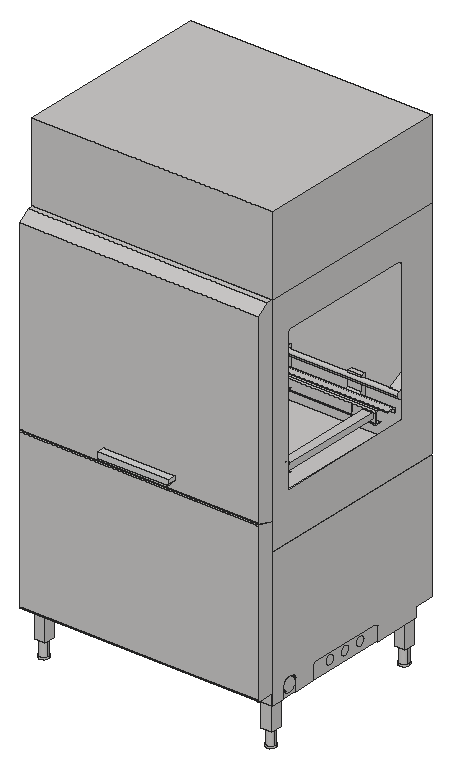
Revit family "QF_ELECTROLUXPROFESSIONAL_535098_NLDDRE5", category Specialty Equipment, Revit 2018
Family settings
  Round Connector Dimension = Use Diameter
  Part Type = Normal
  Work Plane-Based = No
  Always vertical = Yes
  Cut with Voids When Loaded = No
  Shared = No
  Room Calculation Point = No
Parameters (values of type "NLDDRE56")
  Weight = 116.00 kg
  Watts = 0 W
  Volts = 0 V
  URL Manufacturer = ""
  URL = "http://professional.electrolux.com"
  Steam Supply Size = 0 mm
  Steam Supply Minimum Pressure = 0.0 Pa
  Steam Supply Maximum Pressure = 0.0 Pa
  Steam Pounds per Hour = 0
  Show Logo [instance] = yes
  Refrigeration Suction Line Size = 0 mm
  Refrigeration Liquid Line Size = 0 mm
  Refrigerant Compressor Remote = yes
  R_L [instance] = not(L_R)  # no
  Manufacturer = "Electrolux"
  Phase = 0
  Model = "ESR10E5"
  Length Actual = 890 mm  # constant formula
  Show Clearance [instance] = yes
  L_R [instance] = yes
  Item Number = ""
  Hot Water Size = 0 mm
  Height Actual = 1785 mm  # constant formula
  HP = "11.4 HP"
  Gas Size = 0 mm
  Gas KW = 0
  Gas Input Pressure = 0 W
  Direct Waste Size = 50 mm
  Description = "SINGLE RINSE RT, 100R/H, ELECTRIC 50HZ"
  Depth Actual = 825 mm  # constant formula
  DRAIN [instance] = if(L_R, 0 mm, 968 mm)  # 0 mm
  Cycle = 0 Hz
  Condensate Return Size = 0 mm
  Compressed Air Volume = 0.0 L/s
  Compressed Air Size = 0 mm
  Compressed Air Pressure = 0.0 Pa
  Cold Water Size = 0 mm
  Accessory = yes
Types (2, lengths in mm): name | Volts | URL Manufacturer | URL | Manufacturer | Phase | Model | Item Number | Description | Cycle
  NLDDRE56 | 0 V | "" | "http://professional.electrolux.com" | "Electrolux" | 0 | "ESR10E5" | "" | "SINGLE RINSE RT, 100R/H, ELECTRIC 50HZ" | 0 Hz
  Standard | 380 V | "http://professional.electrolux.com/" | "http://professional.electrolux.com/" | "Electrolux Professional" | 3 | "NLDDRE5" | "535098" | "LARGE DRYER WITH DOOR, DUAL RINSE RT, ELECTRIC, 50&60HZ" | 60 Hz
Reference planes
  plane 1 "Center X": y = -16.742
  plane 2: z = 0
  plane 3 "2": x = 506.437
  plane 4 "BACK": y = 388.258
  plane 5 "FEET": z = 150
  plane 6: z = 2095
  plane 7 "BASE": z = 187
  plane 8 "TOP": z = 1785
  plane 9 "FRONT": y = -408.742
  plane 10: y = 311.258
  plane 11 "1": x = -383.563
  plane 12 "LEFT": x = -423.563
  plane 13 "RIGHT": x = 546.437
  plane 14 "DRAIN": x = -423.563
Forms (mm)
  Extrusion 1, solid, material "QF_Finishes_Stainless Steel"
    sketch origin (506.437, 479.936, 4000) x (0, 1, 0) y (0, 0, 1)
      loop
        line (-96.678, -2215) -> (-828.678, -2215) -> (-828.678, -2507) -> (-96.678, -2507) -> (-96.678, -2215)
    from -890 to 0
  Extrusion 2, solid, material "QF_Finishes_Stainless Steel"
    sketch origin (-383.563, 437.565, 4000) x (0, 1, 0) y (0, 0, 1)
      loop
        line (-54.307, -2507) -> (-786.307, -2507) -> (-786.307, -3850) -> (-126.307, -3850) -> (-126.307, -3812) -> (-54.307, -3812) -> (-54.307, -2507)
      loop
        line (-129.307, -2557) -> (-769.307, -2557) -> (-769.307, -3290) -> (-129.307, -3290) -> (-129.307, -2557)
    from 887 to 3
  Extrusion 3, solid, material "QF_Finishes_Stainless Steel"
    sketch origin (-383.563, 437.565, 4000) x (0, 1, 0) y (0, 0, 1)
      loop
        line (-59.307, -3342) -> (-781.307, -3342)
        arc (-781.307, -3342) -> (-784.843, -3343.464) -> (-786.307, -3347) r 5
        line (-786.307, -3347) -> (-786.307, -3850) -> (-741.307, -3850) -> (-741.307, -3813)
        arc (-741.307, -3813) -> (-711.307, -3783) -> (-681.307, -3813) r 30
        line (-681.307, -3813) -> (-681.307, -3850) -> (-602.807, -3850) -> (-602.807, -3803)
        arc (-602.807, -3803) -> (-598.414, -3792.393) -> (-587.807, -3788) r 15
        line (-587.807, -3788) -> (-317.807, -3788)
        arc (-317.807, -3788) -> (-307.201, -3792.393) -> (-302.807, -3803) r 15
        line (-302.807, -3803) -> (-302.807, -3850) -> (-126.307, -3850) -> (-126.307, -3812) -> (-54.307, -3812) -> (-54.307, -3347)
        arc (-54.307, -3347) -> (-55.772, -3343.464) -> (-59.307, -3342) r 5
    from 0 to 3
  Extrusion 4, solid, material "QF_Finishes_Stainless Steel"
    sketch origin (506.437, 479.936, 4000) x (0, 1, 0) y (0, 0, 1)
      loop
        line (-96.678, -2507) -> (-828.678, -2507) -> (-828.678, -3335)
        arc (-828.678, -3335) -> (-827.214, -3338.536) -> (-823.678, -3340) r 5
        line (-823.678, -3340) -> (-101.678, -3340)
        arc (-101.678, -3340) -> (-98.142, -3338.536) -> (-96.678, -3335) r 5
        line (-96.678, -3335) -> (-96.678, -2507)
      loop
        line (-248.879, -2635) -> (-744.477, -2635)
        arc (-744.477, -2635) -> (-756.64, -2640.038) -> (-761.678, -2652.201) r 17.201
        line (-761.678, -2652.201) -> (-761.678, -3167.258) -> (-231.678, -3167.258) -> (-231.678, -2652.201)
        arc (-231.678, -2652.201) -> (-236.716, -2640.038) -> (-248.879, -2635) r 17.201
    from -3 to 0
  Extrusion 5, solid, material "QF_Finishes_Stainless Steel"
    sketch origin (506.437, 479.936, 4000) x (0, 1, 0) y (0, 0, 1)
      loop
        line (-101.678, -3342) -> (-823.678, -3342)
        arc (-823.678, -3342) -> (-827.214, -3343.464) -> (-828.678, -3347) r 5
        line (-828.678, -3347) -> (-828.678, -3850) -> (-783.678, -3850) -> (-783.678, -3813)
        arc (-783.678, -3813) -> (-753.678, -3783) -> (-723.678, -3813) r 30
        line (-723.678, -3813) -> (-723.678, -3850) -> (-645.178, -3850) -> (-645.178, -3803)
        arc (-645.178, -3803) -> (-640.785, -3792.393) -> (-630.178, -3788) r 15
        line (-630.178, -3788) -> (-360.178, -3788)
        arc (-360.178, -3788) -> (-349.571, -3792.393) -> (-345.178, -3803) r 15
        line (-345.178, -3803) -> (-345.178, -3850) -> (-168.678, -3850) -> (-168.678, -3812) -> (-96.678, -3812) -> (-96.678, -3347)
        arc (-96.678, -3347) -> (-98.142, -3343.464) -> (-101.678, -3342) r 5
    from -3 to 0
  Extrusion 6, solid, material "QF_Finishes_Stainless Steel"
    sketch origin (-383.563, 437.565, 4000) x (0, 1, 0) y (0, 0, 1)
      loop
        circle (-454.307, -3813) r 15
      loop
        circle (-524.307, -3813) r 15
      loop
        circle (-384.307, -3813) r 15
    from 0 to 3
  Extrusion 7, solid, material "QF_Finishes_Stainless Steel"
    sketch origin (-383.563, 437.565, 4000) x (0, 1, 0) y (0, 0, 1)
      loop
        circle (-711.307, -3813) r 25
    from 0 to 3
  Extrusion 8, solid, material "QF_Finishes_Stainless Steel"
    sketch origin (506.437, 479.936, 4000) x (0, 1, 0) y (0, 0, 1)
      loop
        circle (-496.678, -3813) r 15
      loop
        circle (-566.678, -3813) r 15
      loop
        circle (-426.678, -3813) r 15
    from 0 to -3
  Extrusion 9, solid, material "QF_Finishes_Stainless Steel"
    sketch origin (506.437, 479.936, 4000) x (0, 1, 0) y (0, 0, 1)
      loop
        circle (-753.678, -3813) r 25
    from 0 to -3
  Extrusion 10, solid, material "QF_Finishes_Stainless Steel"
    sketch origin (-383.563, 437.565, 4000) x (0, 1, 0) y (0, 0, 1)
      loop
        line (-54.307, -2507) -> (-786.307, -2507) -> (-786.307, -3335)
        arc (-786.307, -3335) -> (-784.843, -3338.536) -> (-781.307, -3340) r 5
        line (-781.307, -3340) -> (-59.307, -3340)
        arc (-59.307, -3340) -> (-55.772, -3338.536) -> (-54.307, -3335) r 5
        line (-54.307, -3335) -> (-54.307, -2507)
      loop
        line (-206.509, -2635) -> (-702.106, -2635)
        arc (-702.106, -2635) -> (-714.269, -2640.038) -> (-719.307, -2652.201) r 17.201
        line (-719.307, -2652.201) -> (-719.307, -3167.258) -> (-189.307, -3167.258) -> (-189.307, -2652.201)
        arc (-189.307, -2652.201) -> (-194.345, -2640.038) -> (-206.509, -2635) r 17.201
    from 3 to 0
  Extrusion 11, solid, material "QF_Finishes_Stainless Steel", visible <- "L_R"
    sketch origin (-383.563, 0, 0) x (0, 1, 0) y (0, 0, 1)
      loop
        circle (-273.742, 187) r 25
    from 0 to -38
  Extrusion 12, solid, material "QF_Finishes_Stainless Steel", visible <- "R_L"
    sketch origin (506.437, 479.936, 4000) x (0, 1, 0) y (0, 0, 1)
      loop
        circle (-753.678, -3813) r 25
    from 0 to 38
  Extrusion 13, solid, material "QF_Finishes_Stainless Steel", not visible
    sketch origin (-423.563, 0, 0) x (0, 1, 0) y (0, 0, 1)
      loop
        circle (-273.742, 187) r 25
    from 0 to 2
  Extrusion 14, solid, material "QF_Clearance", detail levels coarse
    sketch origin (516.437, -74.242, 0) x (1, 0, 0) y (0, 1, 0)
      loop
        line (-900, 462.5) -> (-10, 462.5) -> (-10, 512.5) -> (-900, 512.5) -> (-900, 462.5)
    from -100 to 1785
Lines and regions (mm)
  symbolic lines
    curve 1: line (-383.563, 383.258, 0) -> (506.437, 383.258, 0)
    curve 2: line (-383.563, -348.742, 0) -> (-383.563, 383.258, 0)
    curve 3: line (506.437, -348.742, 0) -> (-383.563, -348.742, 0)
    curve 4: line (506.437, 383.258, 0) -> (506.437, -348.742, 0)
    curve 7: line (-383.563, 383.258, 0) -> (506.437, -348.742, 0)
    curve 14: line (-383.563, -16.742, 0) -> (-368.563, -16.742, 0)
    curve 15: line (491.437, -16.742, 0) -> (506.437, -16.742, 0)
  symbolic lines, style "SpecialityEquipment"
    curve 5: line (506.437, -281.742, 0) -> (-383.563, -281.742, 0)
    curve 6: line (-383.563, 308.258, 0) -> (506.437, 308.258, 0)
  symbolic lines, style "SpecialityEquipmentHiddenLines", visible <- "R_L"
    curve 8: line (546.437, -298.742, 0) -> (546.437, -248.742, 0)
    curve 9: line (546.437, -248.742, 0) -> (506.437, -248.742, 0)
    curve 10: line (546.437, -298.742, 0) -> (506.437, -298.742, 0)
  symbolic lines, style "SpecialityEquipmentHiddenLines", visible <- "L_R"
    curve 11: line (-423.563, -248.742, 0) -> (-423.563, -298.742, 0)
    curve 12: line (-423.563, -248.742, 0) -> (-383.563, -248.742, 0)
    curve 13: line (-423.563, -298.742, 0) -> (-383.563, -298.742, 0)
  symbolic lines, style "QF_Clearances"
    curve 16: line (-383.563, 438.258, 0) -> (506.437, 438.258, 0)
Dimensions and locks
  plane 4 "BACK" to plane 1 "Center X" to plane 9 "FRONT" = 405 mm, 392 mm
  plane 5 "FEET" to level = 150 mm
  plane 3 "2" to Extrusion 5 = 3 mm
  plane 5 "FEET" to plane 8 "TOP" = 1635 mm
  plane 4 "BACK" to plane 9 "FRONT" = 797 mm  (x2)
  nested 1 to nested 4 to nested 4 to nested 4 = 732 mm, 60 mm, 30 mm
  "DRAIN": plane 12 "LEFT" to plane 14 "DRAIN"
  aligned and locked: level to plane 2
Automatic sketch dimensions
  plane 8 "TOP" to Extrusion 1 sketch curve = 0 mm
  plane 9 "FRONT" to Extrusion 1 sketch curve = 60 mm
  Extrusion 1 sketch curve to plane 4 "BACK" = 5 mm
  Extrusion 1 sketch curve to Extrusion 1 sketch curve = 292 mm
  Extrusion 2 sketch curve to plane 5 "FEET" = 0 mm
  Extrusion 2 sketch curve to plane 10 = 0 mm
  plane 10 to Extrusion 2 sketch curve = 3 mm
  plane 9 "FRONT" to Extrusion 2 sketch curve = 77 mm
  Extrusion 2 sketch curve to Extrusion 2 sketch curve = 17 mm
  plane 7 "BASE" to Extrusion 2 sketch curve = 1 mm
  Extrusion 2 sketch curve to plane 4 "BACK" = 5 mm
  Extrusion 2 sketch curve to Extrusion 2 sketch curve = 522 mm
  plane 8 "TOP" to Extrusion 2 sketch curve = 342 mm
  Extrusion 2 sketch curve to Extrusion 2 sketch curve = 50 mm
  Extrusion 3 sketch curve to plane 5 "FEET" = 0 mm  (x3)
  Extrusion 3 sketch curve to plane 7 "BASE" = 0 mm
  Extrusion 3 sketch curve to plane 10 = 0 mm
  plane 7 "BASE" to Extrusion 3 sketch curve = 10 mm  (x2)
  Extrusion 3 sketch curve to plane 1 "Center X" = 151.5 mm
  Extrusion 3 sketch curve to Extrusion 3 sketch curve = 15 mm
  plane 1 "Center X" to Extrusion 3 sketch curve = 133.5 mm
  Extrusion 3 sketch curve to Extrusion 3 sketch curve = 78.5 mm
  Extrusion 3 sketch curve to Extrusion 3 sketch curve = 30 mm
  plane 9 "FRONT" to Extrusion 3 sketch curve = 65 mm
  Extrusion 3 sketch curve to Extrusion 3 sketch curve = 5 mm
  Extrusion 3 sketch curve to plane 4 "BACK" = 10 mm
  Extrusion 3 sketch curve to plane 4 "BACK" = 5 mm
  plane 7 "BASE" to Extrusion 3 sketch curve = 1 mm
  Extrusion 3 sketch curve to Extrusion 3 sketch curve = 465 mm
  plane 9 "FRONT" to Extrusion 4 sketch curve = 60 mm
  Extrusion 4 sketch curve to Extrusion 4 sketch curve = 5 mm
  plane 9 "FRONT" to Extrusion 4 sketch curve = 127 mm
  Extrusion 4 sketch curve to Extrusion 4 sketch curve = 17.201 mm  (x2)
  plane 10 to Extrusion 4 sketch curve = 80.201 mm
  plane 10 to Extrusion 4 sketch curve = 63 mm
  Extrusion 4 sketch curve to plane 4 "BACK" = 10 mm
  Extrusion 4 sketch curve to plane 4 "BACK" = 5 mm
  plane 7 "BASE" to Extrusion 4 sketch curve = 473 mm
  Extrusion 4 sketch curve to Extrusion 4 sketch curve = 167.742 mm
  plane 8 "TOP" to Extrusion 4 sketch curve = 437.201 mm
  Extrusion 4 sketch curve to Extrusion 4 sketch curve = 0 mm
  Extrusion 4 sketch curve to Extrusion 4 sketch curve = 145.201 mm
  Extrusion 5 sketch curve to plane 5 "FEET" = 0 mm  (x3)
  Extrusion 5 sketch curve to plane 7 "BASE" = 0 mm
  Extrusion 5 sketch curve to plane 10 = 0 mm
  plane 7 "BASE" to Extrusion 5 sketch curve = 10 mm  (x2)
  Extrusion 5 sketch curve to plane 1 "Center X" = 151.5 mm
  Extrusion 5 sketch curve to Extrusion 5 sketch curve = 15 mm
  plane 1 "Center X" to Extrusion 5 sketch curve = 133.5 mm
  Extrusion 5 sketch curve to Extrusion 5 sketch curve = 78.5 mm
  Extrusion 5 sketch curve to Extrusion 5 sketch curve = 30 mm
  plane 9 "FRONT" to Extrusion 5 sketch curve = 65 mm
  Extrusion 5 sketch curve to Extrusion 5 sketch curve = 5 mm
  Extrusion 5 sketch curve to plane 4 "BACK" = 10 mm
  Extrusion 5 sketch curve to plane 4 "BACK" = 5 mm
  plane 7 "BASE" to Extrusion 5 sketch curve = 1 mm
  Extrusion 5 sketch curve to Extrusion 5 sketch curve = 465 mm
  Extrusion 6 sketch curve to plane 7 "BASE" = 0 mm  (x3)
  Extrusion 6 sketch curve to plane 1 "Center X" = 0 mm
  Extrusion 6 sketch curve to Extrusion 6 sketch curve = 70 mm
  Extrusion 6 sketch curve to plane 1 "Center X" = 70 mm
  Extrusion 7 sketch curve to plane 7 "BASE" = 0 mm
  plane 9 "FRONT" to Extrusion 7 sketch curve = 135 mm
  Extrusion 8 sketch curve to plane 7 "BASE" = 0 mm  (x3)
  Extrusion 8 sketch curve to plane 1 "Center X" = 0 mm
  Extrusion 8 sketch curve to Extrusion 8 sketch curve = 70 mm
  Extrusion 8 sketch curve to plane 1 "Center X" = 70 mm
  Extrusion 9 sketch curve to plane 7 "BASE" = 0 mm
  plane 9 "FRONT" to Extrusion 9 sketch curve = 135 mm
  plane 9 "FRONT" to Extrusion 10 sketch curve = 60 mm
  Extrusion 10 sketch curve to Extrusion 10 sketch curve = 5 mm
  plane 9 "FRONT" to Extrusion 10 sketch curve = 127 mm
  Extrusion 10 sketch curve to Extrusion 10 sketch curve = 17.201 mm  (x2)
  plane 10 to Extrusion 10 sketch curve = 80.201 mm
  plane 10 to Extrusion 10 sketch curve = 63 mm
  Extrusion 10 sketch curve to plane 4 "BACK" = 10 mm
  Extrusion 10 sketch curve to plane 4 "BACK" = 5 mm
  plane 7 "BASE" to Extrusion 10 sketch curve = 473 mm
  Extrusion 10 sketch curve to Extrusion 10 sketch curve = 167.742 mm
  plane 8 "TOP" to Extrusion 10 sketch curve = 437.201 mm
  Extrusion 10 sketch curve to Extrusion 10 sketch curve = 0 mm
  Extrusion 10 sketch curve to Extrusion 10 sketch curve = 145.201 mm
  Extrusion 11 sketch curve to plane 7 "BASE" = 0 mm
  plane 9 "FRONT" to Extrusion 11 sketch curve = 135 mm
  Extrusion 12 sketch curve to plane 7 "BASE" = 0 mm
  plane 9 "FRONT" to Extrusion 12 sketch curve = 135 mm
  Extrusion 13 sketch curve to plane 7 "BASE" = 0 mm
  plane 9 "FRONT" to Extrusion 13 sketch curve = 135 mm
  plane 12 "LEFT" to Extrusion 14 sketch curve = 40 mm
  Extrusion 14 sketch curve to plane 13 "RIGHT" = 40 mm
  plane 4 "BACK" to Extrusion 14 sketch curve = 0 mm
  Extrusion 14 sketch curve to Extrusion 14 sketch curve = 50 mm
  curve 11 to plane 12 "LEFT" = 0 mm
  curve 13 to plane 11 "1" = 0 mm
  curve 16 to plane 11 "1" = 0 mm
  curve 9 to plane 3 "2" = 0 mm
  curve 16 to plane 3 "2" = 0 mm
  curve 8 to plane 13 "RIGHT" = 0 mm
  plane 9 "FRONT" to curve 4 = 60 mm
  curve 2 to curve 13 = 50 mm
  curve 3 to curve 8 = 50 mm
  curve 11 to curve 12 = 50 mm
  curve 8 to curve 8 = 50 mm
  curve 1 to plane 4 "BACK" = 5 mm
  curve 14 to plane 1 "Center X" = 0 mm
  plane 11 "1" to curve 14 = 15 mm
  curve 15 to plane 1 "Center X" = 0 mm
  curve 15 to curve 15 = 15 mm
  curve 10 to curve 5 = 17 mm
  plane 10 to curve 6 = 3 mm
  plane 4 "BACK" to curve 16 = 50 mm
  radius of Extrusion 6 sketch curve = 15 mm  (x3)
  radius of Extrusion 7 sketch curve = 25 mm
  radius of Extrusion 8 sketch curve = 15 mm  (x3)
  radius of Extrusion 9 sketch curve = 25 mm
  radius of Extrusion 11 sketch curve = 25 mm
  radius of Extrusion 12 sketch curve = 25 mm
  radius of Extrusion 13 sketch curve = 25 mm
Nested families
  nested 1: "Basket_Guide+Wash_Arm_35''" at (-348, 0, 0), type "Basket_Guide+Wash_Arm_35''"
  nested 2: "Foot_40x40_H150" at (-357.563, -326.742, 0) x (-1, 0, 0) z (0, 0, 1), type "Foot_40x40_H150"
  nested 3: "Foot_40x40_H150" at (-357.563, 289.258, 0) x (-1, 0, 0) z (0, 0, 1), type "Foot_40x40_H150"
  nested 4: "Door_35''" at (-289, 0, 0), Show Clearance <- "Show Clearance", type "Door_35''"
  nested 5: "Foot_40x40_H150" at (480.437, -326.742, 0), type "Foot_40x40_H150"
  nested 6: "Foot_40x40_H150" at (480.437, 289.258, 0), type "Foot_40x40_H150"
Connectors
  piping at (-423.563, -273.742, 187), diameter 50
    settings: on Extrusion 13, index 1, connector inside diameter 609.6 mm, connector length 0 mm, flow factor 0, pipe flow 0.0 L/s, pressure drop 0.0 Pa, fitting loss kfactor 0, connector angle 0.00°, fixture units 0, engagement length 0 mm, angle of deflection 0.00°, flow configuration 0, flow direction 2, fitting loss method 0, system type 16, joint type 0, gender type 0, connector reference index -1, connector utility 0, adjustable connector no, is connector primary yes, connector description "DRAIN"
Definition of nested family "Basket_Guide+Wash_Arm_35''"
  Reference planes
    plane 1: z = 0
    plane 2 "Center Y": x = 409.437
    plane 3 "LEFT": x = -35.563
    plane 4 "BACK": y = 383.258
    plane 5 "FRONT": y = -408.742
    plane 6: z = 150
    plane 7 "TOP": z = 1785
    plane 8: z = 875
    plane 9 "RIGHT": x = 854.437
    plane 10 "L1": x = 134.437
    plane 11 "L2": x = 684.437
  Forms (mm)
    Extrusion 1, solid
      sketch origin (427.437, -18.984, 0) x (0, -1, 0) y (0, 0, 1)
        loop
          line (264.703, 929.245) -> (264.703, 907.554) -> (312.758, 879.81) -> (312.758, 956.99) -> (264.703, 929.245)
        loop
          line (-259.187, 929.245) -> (-307.242, 956.99) -> (-327.242, 956.99) -> (-327.242, 879.81) -> (-307.242, 879.81) -> (-259.187, 907.554) -> (-259.187, 929.245)
      from -424 to -388
    Extrusion 2, solid
      sketch origin (293.437, -18.984, 0) x (0, -1, 0) y (0, 0, 1)
        loop
          circle (264.703, 918.4) r 10
        loop
          circle (-259.187, 918.4) r 10
      from -558 to 326
    Extrusion 3, solid
      sketch origin (293.437, -18.984, 0) x (0, -1, 0) y (0, 0, 1)
        loop
          line (-252.564, 858) -> (-252.564, 870.68)
          arc (-252.564, 870.68) -> (-251.884, 872.32) -> (-250.244, 873) r 2.32
          line (-250.244, 873) -> (-222.564, 873) -> (-222.564, 875) -> (-250.244, 875)
          arc (-250.244, 875) -> (-253.299, 873.735) -> (-254.564, 870.68) r 4.32
          line (-254.564, 870.68) -> (-254.564, 858) -> (-252.564, 858)
        loop
          line (258.08, 858) -> (260.08, 858) -> (260.08, 870.68)
          arc (260.08, 870.68) -> (258.815, 873.735) -> (255.76, 875) r 4.32
          line (255.76, 875) -> (228.08, 875) -> (228.08, 873) -> (255.76, 873)
          arc (255.76, 873) -> (257.401, 872.32) -> (258.08, 870.68) r 2.32
          line (258.08, 870.68) -> (258.08, 858)
      from -545 to 313
    Extrusion 4, solid
      sketch origin (293.437, -18.984, 0) x (0, -1, 0) y (0, 0, 1)
        loop
          arc (-216.187, 825.32) -> (-216.866, 823.679) -> (-218.507, 823) r 2.32
          line (-218.507, 823) -> (-236.187, 823) -> (-236.187, 821) -> (-218.507, 821)
          arc (-218.507, 821) -> (-215.452, 822.265) -> (-214.187, 825.32) r 4.32
          line (-214.187, 825.32) -> (-214.187, 861.68)
          arc (-214.187, 861.68) -> (-215.452, 864.735) -> (-218.507, 866) r 4.32
          line (-218.507, 866) -> (-236.187, 866) -> (-236.187, 864) -> (-218.507, 864)
          arc (-218.507, 864) -> (-216.866, 863.32) -> (-216.187, 861.68) r 2.32
          line (-216.187, 861.68) -> (-216.187, 825.32)
        loop
          line (221.703, 825.32) -> (221.703, 861.68)
          arc (221.703, 861.68) -> (222.383, 863.32) -> (224.023, 864) r 2.32
          line (224.023, 864) -> (241.703, 864) -> (241.703, 866) -> (224.023, 866)
          arc (224.023, 866) -> (220.969, 864.735) -> (219.703, 861.68) r 4.32
          line (219.703, 861.68) -> (219.703, 825.32)
          arc (219.703, 825.32) -> (220.969, 822.265) -> (224.023, 821) r 4.32
          line (224.023, 821) -> (241.703, 821) -> (241.703, 823) -> (224.023, 823)
          arc (224.023, 823) -> (222.383, 823.679) -> (221.703, 825.32) r 2.32
      from -505 to 273
    Extrusion 5, solid
      sketch origin (391.437, -18.984, 0) x (0, -1, 0) y (0, 0, 1)
        loop
          line (264.703, 929.245) -> (264.703, 907.554) -> (312.758, 879.81) -> (312.758, 956.99) -> (264.703, 929.245)
        loop
          line (-259.187, 929.245) -> (-307.242, 956.99) -> (-327.242, 956.99) -> (-327.242, 879.81) -> (-307.242, 879.81) -> (-259.187, 907.554) -> (-259.187, 929.245)
      from 424 to 388
    Extrusion 6, solid
      sketch origin (428.437, -18.984, 0) x (0, -1, 0) y (0, 0, 1)
        loop
          line (219.703, 858) -> (-214.187, 858) -> (-214.187, 836) -> (219.703, 836) -> (219.703, 858)
      from -360 to -325
    Extrusion 7, solid
      sketch origin (390.437, -18.984, 0) x (0, -1, 0) y (0, 0, 1)
        loop
          line (219.703, 858) -> (-214.187, 858) -> (-214.187, 836) -> (219.703, 836) -> (219.703, 858)
      from 360 to 325
    Extrusion 8, solid
      sketch origin (409.437, 308.258, 1443) x (0, 0, 1) y (-1, 0, 0)
        loop
          line (-650.516, 7.5) -> (-663.507, 15) -> (-676.497, 7.5) -> (-676.497, -7.5) -> (-663.507, -15) -> (-650.516, -7.5) -> (-650.516, 7.5)
        loop
          line (-22.01, 7.5) -> (-35, 15) -> (-47.99, 7.5) -> (-47.99, -7.5) -> (-35, -15) -> (-22.01, -7.5) -> (-22.01, 7.5)
      from 0 to 30
    Extrusion 9, solid
      sketch origin (409.437, 278.258, 1443) x (0, 0, 1) y (-1, 0, 0)
        loop
          circle (-663.507, 0) r 10
        loop
          circle (-35, 0) r 10
      from 0 to 537.443
    Extrusion 10, solid
      sketch origin (409.437, 0, 0) x (0, 1, 0) y (0, 0, 1)
        loop
          line (-283.687, 880.8) -> (-283.687, 933.4) -> (-301.108, 933.4) -> (-301.108, 856.308) -> (-249.185, 804.385) -> (-240.463, 763.388) -> (-239.485, 763.596) -> (-248.268, 804.882) -> (-277.084, 833.698) -> (-240.687, 833.698) -> (-240.687, 855.89) -> (-260.687, 855.89) -> (-260.687, 872.8) -> (-275.687, 872.8) -> (-283.687, 880.8)
        loop
          line (240.203, 880.8) -> (232.203, 872.8) -> (217.203, 872.8) -> (217.203, 855.89) -> (197.203, 855.89) -> (197.203, 833.698) -> (235.015, 833.698) -> (257.624, 856.308) -> (257.624, 933.4) -> (240.203, 933.4) -> (240.203, 880.8)
        loop
          line (-259.185, 1443) -> (-259.185, 1420.164) -> (-236.567, 1380.988) -> (-234.835, 1381.988) -> (-257.185, 1420.7) -> (-257.185, 1443) -> (-259.185, 1443)
      from -25 to 25
    Extrusion 11, solid
      sketch origin (134.437, 308.258, 1443) x (0, 0, 1) y (-1, 0, 0)
        loop
          line (-650.516, 7.5) -> (-663.507, 15) -> (-676.497, 7.5) -> (-676.497, -7.5) -> (-663.507, -15) -> (-650.516, -7.5) -> (-650.516, 7.5)
        loop
          line (-22.01, 7.5) -> (-35, 15) -> (-47.99, 7.5) -> (-47.99, -7.5) -> (-35, -15) -> (-22.01, -7.5) -> (-22.01, 7.5)
      from 0 to 30
    Extrusion 12, solid
      sketch origin (134.437, 278.258, 1443) x (0, 0, 1) y (-1, 0, 0)
        loop
          circle (-663.507, 0) r 10
        loop
          circle (-35, 0) r 10
      from 0 to 537.443
    Extrusion 13, solid
      sketch origin (684.437, 308.258, 1443) x (0, 0, 1) y (-1, 0, 0)
        loop
          line (-650.516, 7.5) -> (-663.507, 15) -> (-676.497, 7.5) -> (-676.497, -7.5) -> (-663.507, -15) -> (-650.516, -7.5) -> (-650.516, 7.5)
        loop
          line (-22.01, 7.5) -> (-35, 15) -> (-47.99, 7.5) -> (-47.99, -7.5) -> (-35, -15) -> (-22.01, -7.5) -> (-22.01, 7.5)
      from 0 to 30
    Extrusion 14, solid
      sketch origin (684.437, 278.258, 1443) x (0, 0, 1) y (-1, 0, 0)
        loop
          circle (-663.507, 0) r 10
        loop
          circle (-35, 0) r 10
      from 0 to 537.443
    Extrusion 15, solid
      sketch origin (134.437, 0, 0) x (0, 1, 0) y (0, 0, 1)
        loop
          line (-283.687, 880.8) -> (-283.687, 933.4) -> (-301.108, 933.4) -> (-301.108, 856.308) -> (-249.185, 804.385) -> (-240.463, 763.388) -> (-239.485, 763.596) -> (-248.268, 804.882) -> (-277.084, 833.698) -> (-240.687, 833.698) -> (-240.687, 855.89) -> (-260.687, 855.89) -> (-260.687, 872.8) -> (-275.687, 872.8) -> (-283.687, 880.8)
        loop
          line (240.203, 880.8) -> (232.203, 872.8) -> (217.203, 872.8) -> (217.203, 855.89) -> (197.203, 855.89) -> (197.203, 833.698) -> (235.015, 833.698) -> (257.624, 856.308) -> (257.624, 933.4) -> (240.203, 933.4) -> (240.203, 880.8)
        loop
          line (-259.185, 1443) -> (-259.185, 1420.164) -> (-236.567, 1380.988) -> (-234.835, 1381.988) -> (-257.185, 1420.7) -> (-257.185, 1443) -> (-259.185, 1443)
      from -25 to 25
    Extrusion 16, solid
      sketch origin (684.437, 0, 0) x (0, 1, 0) y (0, 0, 1)
        loop
          line (-283.687, 880.8) -> (-283.687, 933.4) -> (-301.108, 933.4) -> (-301.108, 856.308) -> (-249.185, 804.385) -> (-240.463, 763.388) -> (-239.485, 763.596) -> (-248.268, 804.882) -> (-277.084, 833.698) -> (-240.687, 833.698) -> (-240.687, 855.89) -> (-260.687, 855.89) -> (-260.687, 872.8) -> (-275.687, 872.8) -> (-283.687, 880.8)
        loop
          line (240.203, 880.8) -> (232.203, 872.8) -> (217.203, 872.8) -> (217.203, 855.89) -> (197.203, 855.89) -> (197.203, 833.698) -> (235.015, 833.698) -> (257.624, 856.308) -> (257.624, 933.4) -> (240.203, 933.4) -> (240.203, 880.8)
        loop
          line (-259.185, 1443) -> (-259.185, 1420.164) -> (-236.567, 1380.988) -> (-234.835, 1381.988) -> (-257.185, 1420.7) -> (-257.185, 1443) -> (-259.185, 1443)
      from -25 to 25
  Cuts and joins
    joined: Extrusion 1, Extrusion 2, Extrusion 3, Extrusion 4, Extrusion 5, Extrusion 6, Extrusion 7, Extrusion 8, Extrusion 9, Extrusion 10
  Dimensions and locks
    plane 3 "LEFT" to plane 9 "RIGHT" = 890 mm
    equal spacing: plane 3 "LEFT", plane 2 "Center Y", plane 9 "RIGHT", locked at 445 each
    plane 7 "TOP" to plane 6 to level = 1635 mm, 150 mm
    plane 4 "BACK" to plane 5 "FRONT" = 792 mm
    aligned and locked: level to plane 1
  Automatic sketch dimensions
    plane 8 to Extrusion 1 sketch curve = 4.81 mm  (x2)
    Extrusion 1 sketch curve to plane 4 "BACK" = 75 mm
    Extrusion 1 sketch curve to Extrusion 1 sketch curve = 20 mm  (x2)
    Extrusion 1 sketch curve to Extrusion 1 sketch curve = 48.055 mm  (x2)
    plane 8 to Extrusion 1 sketch curve = 32.554 mm  (x2)
    plane 5 "FRONT" to Extrusion 1 sketch curve = 125.055 mm
    Extrusion 1 sketch curve to Extrusion 1 sketch curve = 21.691 mm  (x2)
    Extrusion 1 sketch curve to Extrusion 1 sketch curve = 27.745 mm  (x2)
    plane 8 to Extrusion 2 sketch curve = 43.4 mm  (x2)
    Extrusion 2 sketch curve to plane 4 "BACK" = 143.055 mm
    plane 5 "FRONT" to Extrusion 2 sketch curve = 125.055 mm
    Extrusion 3 sketch curve to Extrusion 3 sketch curve = 0 mm  (x4)
    Extrusion 3 sketch curve to plane 8 = 0 mm  (x2)
    Extrusion 3 sketch curve to plane 8 = 4.32 mm  (x2)
    Extrusion 3 sketch curve to plane 4 "BACK" = 147.678 mm
    Extrusion 3 sketch curve to Extrusion 3 sketch curve = 2 mm  (x2)
    Extrusion 3 sketch curve to Extrusion 3 sketch curve = 27.68 mm  (x2)
    plane 5 "FRONT" to Extrusion 3 sketch curve = 161.678 mm
    Extrusion 3 sketch curve to Extrusion 3 sketch curve = 12.68 mm  (x2)
    Extrusion 4 sketch curve to Extrusion 4 sketch curve = 0 mm  (x9)
    Extrusion 4 sketch curve to plane 8 = 9 mm
    Extrusion 4 sketch curve to plane 4 "BACK" = 166.055 mm
    Extrusion 4 sketch curve to Extrusion 4 sketch curve = 17.68 mm  (x4)
    Extrusion 4 sketch curve to Extrusion 4 sketch curve = 2.32 mm  (x3)
    Extrusion 4 sketch curve to Extrusion 4 sketch curve = 2 mm  (x2)
    Extrusion 4 sketch curve to plane 8 = 49.68 mm
    plane 5 "FRONT" to Extrusion 4 sketch curve = 170.055 mm
    Extrusion 4 sketch curve to Extrusion 4 sketch curve = 43 mm
    Extrusion 4 sketch curve to plane 8 = 13.32 mm
    plane 8 to Extrusion 5 sketch curve = 4.81 mm  (x2)
    Extrusion 5 sketch curve to plane 4 "BACK" = 75 mm
    Extrusion 5 sketch curve to Extrusion 5 sketch curve = 20 mm  (x2)
    Extrusion 5 sketch curve to Extrusion 5 sketch curve = 48.055 mm  (x2)
    plane 8 to Extrusion 5 sketch curve = 32.554 mm  (x2)
    plane 5 "FRONT" to Extrusion 5 sketch curve = 125.055 mm
    Extrusion 5 sketch curve to Extrusion 5 sketch curve = 21.691 mm  (x2)
    Extrusion 5 sketch curve to Extrusion 5 sketch curve = 27.745 mm  (x2)
    Extrusion 6 sketch curve to plane 8 = 17 mm
    Extrusion 6 sketch curve to plane 4 "BACK" = 188.055 mm
    Extrusion 6 sketch curve to plane 8 = 39 mm
    plane 5 "FRONT" to Extrusion 6 sketch curve = 170.055 mm
    Extrusion 7 sketch curve to plane 8 = 17 mm
    Extrusion 7 sketch curve to plane 4 "BACK" = 188.055 mm
    Extrusion 7 sketch curve to plane 8 = 39 mm
    plane 5 "FRONT" to Extrusion 7 sketch curve = 170.055 mm
    plane 2 "Center Y" to Extrusion 8 sketch curve = 7.5 mm  (x4)
    Extrusion 8 sketch curve to plane 8 = 108.497 mm
    plane 2 "Center Y" to Extrusion 8 sketch curve = 15 mm  (x2)
    Extrusion 8 sketch curve to Extrusion 8 sketch curve = 12.99 mm  (x6)
    Extrusion 8 sketch curve to plane 2 "Center Y" = 15 mm  (x2)
    Extrusion 8 sketch curve to plane 2 "Center Y" = 7.5 mm  (x4)
    Extrusion 8 sketch curve to plane 7 "TOP" = 389.99 mm
    Extrusion 9 sketch curve to Extrusion 8 = 12.99 mm  (x3)
    Extrusion 9 sketch curve to Extrusion 9 sketch curve = 0 mm
    Extrusion 10 sketch curve to plane 8 = 18.692 mm  (x2)
    plane 5 "FRONT" to Extrusion 10 sketch curve = 107.634 mm
    plane 8 to Extrusion 10 sketch curve = 58.4 mm
    Extrusion 10 sketch curve to Extrusion 10 sketch curve = 17.421 mm  (x3)
    plane 8 to Extrusion 10 sketch curve = 5.8 mm  (x2)
    Extrusion 10 sketch curve to Extrusion 10 sketch curve = 24.024 mm
    Extrusion 10 sketch curve to plane 8 = 2.2 mm  (x2)
    Extrusion 10 sketch curve to Extrusion 10 sketch curve = 8 mm  (x2)
    Extrusion 10 sketch curve to Extrusion 10 sketch curve = 15 mm  (x2)
    plane 5 "FRONT" to Extrusion 10 sketch curve = 149.557 mm
    Extrusion 10 sketch curve to Extrusion 10 sketch curve = 2 mm
    Extrusion 10 sketch curve to plane 8 = 70.615 mm
    Extrusion 10 sketch curve to Extrusion 10 sketch curve = 27.899 mm
    Extrusion 10 sketch curve to plane 8 = 70.118 mm
    Extrusion 10 sketch curve to Extrusion 10 sketch curve = 0.916 mm
    Extrusion 10 sketch curve to Extrusion 10 sketch curve = 7.581 mm
    Extrusion 10 sketch curve to Extrusion 10 sketch curve = 8.721 mm
    Extrusion 10 sketch curve to plane 8 = 111.404 mm
    Extrusion 10 sketch curve to Extrusion 10 sketch curve = 20.618 mm
    Extrusion 10 sketch curve to Extrusion 10 sketch curve = 1.732 mm
    Extrusion 10 sketch curve to plane 8 = 41.302 mm
    Extrusion 10 sketch curve to plane 4 "BACK" = 186.055 mm
    Extrusion 10 sketch curve to Extrusion 10 sketch curve = 20 mm
    Extrusion 10 sketch curve to Extrusion 10 sketch curve = 17.811 mm
    Extrusion 10 sketch curve to Extrusion 10 sketch curve = 0 mm
    Extrusion 10 sketch curve to Extrusion 10 sketch curve = 22.61 mm
    Extrusion 10 sketch curve to plane 8 = 19.11 mm
    Extrusion 10 sketch curve to Extrusion 10 sketch curve = 16.909 mm
    Extrusion 10 sketch curve to Extrusion 10 sketch curve = 52.6 mm
    Extrusion 10 sketch curve to plane 7 "TOP" = 404.012 mm
    Extrusion 10 sketch curve to Extrusion 10 sketch curve = 1 mm
    Extrusion 10 sketch curve to Extrusion 10 sketch curve = 22.3 mm
    plane 10 "L1" to Extrusion 11 sketch curve = 7.5 mm  (x4)
    Extrusion 11 sketch curve to plane 8 = 108.497 mm
    plane 10 "L1" to Extrusion 11 sketch curve = 15 mm  (x2)
    Extrusion 11 sketch curve to Extrusion 11 sketch curve = 12.99 mm  (x6)
    Extrusion 11 sketch curve to plane 10 "L1" = 15 mm  (x2)
    Extrusion 11 sketch curve to plane 10 "L1" = 7.5 mm  (x4)
    Extrusion 11 sketch curve to plane 7 "TOP" = 389.99 mm
    Extrusion 12 sketch curve to Extrusion 11 = 12.99 mm  (x3)
    Extrusion 12 sketch curve to Extrusion 12 sketch curve = 0 mm
    plane 11 "L2" to Extrusion 13 sketch curve = 7.5 mm  (x4)
    Extrusion 13 sketch curve to plane 8 = 108.497 mm
    plane 11 "L2" to Extrusion 13 sketch curve = 15 mm  (x2)
    Extrusion 13 sketch curve to Extrusion 13 sketch curve = 12.99 mm  (x6)
    Extrusion 13 sketch curve to plane 11 "L2" = 15 mm  (x2)
    Extrusion 13 sketch curve to plane 11 "L2" = 7.5 mm  (x4)
    Extrusion 13 sketch curve to plane 7 "TOP" = 389.99 mm
    Extrusion 14 sketch curve to Extrusion 13 = 12.99 mm  (x3)
    Extrusion 14 sketch curve to Extrusion 14 sketch curve = 0 mm
    Extrusion 15 sketch curve to plane 8 = 18.692 mm  (x2)
    plane 5 "FRONT" to Extrusion 15 sketch curve = 107.634 mm
    plane 8 to Extrusion 15 sketch curve = 58.4 mm
    Extrusion 15 sketch curve to Extrusion 15 sketch curve = 17.421 mm  (x3)
    plane 8 to Extrusion 15 sketch curve = 5.8 mm  (x2)
    Extrusion 15 sketch curve to Extrusion 15 sketch curve = 24.024 mm
    Extrusion 15 sketch curve to plane 8 = 2.2 mm  (x2)
    Extrusion 15 sketch curve to Extrusion 15 sketch curve = 8 mm  (x2)
    Extrusion 15 sketch curve to Extrusion 15 sketch curve = 15 mm  (x2)
    plane 5 "FRONT" to Extrusion 15 sketch curve = 149.557 mm
    Extrusion 15 sketch curve to Extrusion 15 sketch curve = 2 mm
    Extrusion 15 sketch curve to plane 8 = 70.615 mm
    Extrusion 15 sketch curve to Extrusion 15 sketch curve = 27.899 mm
    Extrusion 15 sketch curve to plane 8 = 70.118 mm
    Extrusion 15 sketch curve to Extrusion 15 sketch curve = 0.916 mm
    Extrusion 15 sketch curve to Extrusion 15 sketch curve = 7.581 mm
    Extrusion 15 sketch curve to Extrusion 15 sketch curve = 8.721 mm
    Extrusion 15 sketch curve to plane 8 = 111.404 mm
    Extrusion 15 sketch curve to Extrusion 15 sketch curve = 20.618 mm
    Extrusion 15 sketch curve to Extrusion 15 sketch curve = 1.732 mm
    Extrusion 15 sketch curve to plane 8 = 41.302 mm
    Extrusion 15 sketch curve to plane 4 "BACK" = 186.055 mm
    Extrusion 15 sketch curve to Extrusion 15 sketch curve = 20 mm
    Extrusion 15 sketch curve to Extrusion 15 sketch curve = 17.811 mm
    Extrusion 15 sketch curve to Extrusion 15 sketch curve = 0 mm
    Extrusion 15 sketch curve to Extrusion 15 sketch curve = 22.61 mm
    Extrusion 15 sketch curve to plane 8 = 19.11 mm
    Extrusion 15 sketch curve to Extrusion 15 sketch curve = 16.909 mm
    Extrusion 15 sketch curve to Extrusion 15 sketch curve = 52.6 mm
    Extrusion 15 sketch curve to plane 7 "TOP" = 404.012 mm
    Extrusion 15 sketch curve to Extrusion 15 sketch curve = 1 mm
    Extrusion 15 sketch curve to Extrusion 15 sketch curve = 22.3 mm
    Extrusion 16 sketch curve to plane 8 = 18.692 mm  (x2)
    plane 5 "FRONT" to Extrusion 16 sketch curve = 107.634 mm
    plane 8 to Extrusion 16 sketch curve = 58.4 mm
    Extrusion 16 sketch curve to Extrusion 16 sketch curve = 17.421 mm  (x3)
    plane 8 to Extrusion 16 sketch curve = 5.8 mm  (x2)
    Extrusion 16 sketch curve to Extrusion 16 sketch curve = 24.024 mm
    Extrusion 16 sketch curve to plane 8 = 2.2 mm  (x2)
    Extrusion 16 sketch curve to Extrusion 16 sketch curve = 8 mm  (x2)
    Extrusion 16 sketch curve to Extrusion 16 sketch curve = 15 mm  (x2)
    plane 5 "FRONT" to Extrusion 16 sketch curve = 149.557 mm
    Extrusion 16 sketch curve to Extrusion 16 sketch curve = 2 mm
    Extrusion 16 sketch curve to plane 8 = 70.615 mm
    Extrusion 16 sketch curve to Extrusion 16 sketch curve = 27.899 mm
    Extrusion 16 sketch curve to plane 8 = 70.118 mm
    Extrusion 16 sketch curve to Extrusion 16 sketch curve = 0.916 mm
    Extrusion 16 sketch curve to Extrusion 16 sketch curve = 7.581 mm
    Extrusion 16 sketch curve to Extrusion 16 sketch curve = 8.721 mm
    Extrusion 16 sketch curve to plane 8 = 111.404 mm
    Extrusion 16 sketch curve to Extrusion 16 sketch curve = 20.618 mm
    Extrusion 16 sketch curve to Extrusion 16 sketch curve = 1.732 mm
    Extrusion 16 sketch curve to plane 8 = 41.302 mm
    Extrusion 16 sketch curve to plane 4 "BACK" = 186.055 mm
    Extrusion 16 sketch curve to Extrusion 16 sketch curve = 20 mm
    Extrusion 16 sketch curve to Extrusion 16 sketch curve = 17.811 mm
    Extrusion 16 sketch curve to Extrusion 16 sketch curve = 0 mm
    Extrusion 16 sketch curve to Extrusion 16 sketch curve = 22.61 mm
    Extrusion 16 sketch curve to plane 8 = 19.11 mm
    Extrusion 16 sketch curve to Extrusion 16 sketch curve = 16.909 mm
    Extrusion 16 sketch curve to Extrusion 16 sketch curve = 52.6 mm
    Extrusion 16 sketch curve to plane 7 "TOP" = 404.012 mm
    Extrusion 16 sketch curve to Extrusion 16 sketch curve = 1 mm
    Extrusion 16 sketch curve to Extrusion 16 sketch curve = 22.3 mm
    radius of Extrusion 2 sketch curve = 10 mm  (x2)
    radius of Extrusion 9 sketch curve = 10 mm  (x2)
    radius of Extrusion 12 sketch curve = 10 mm  (x2)
    radius of Extrusion 14 sketch curve = 10 mm  (x2)
Definition of nested family "Foot_40x40_H150"
  Reference planes
    plane 1 "Centro (Fronte/Retro)": y = 0
    plane 2: z = 0
    plane 3 "Centro (Sinistra/Destra)": x = 0
    plane 4: z = 150
  Forms (mm)
    Extrusion 1, solid
      sketch origin (0, 0, 0) x (1, 0, 0) y (0, 1, 0)
        loop
          circle (0, 0) r 18
      from 0 to 5
    Extrusion 2, solid
      sketch origin (0, 0, 5) x (1, 0, 0) y (0, 1, 0)
        loop
          circle (0, 0) r 15
      from 0 to 55
    Extrusion 3, solid
      sketch origin (0, 0, 60) x (1, 0, 0) y (0, 1, 0)
        loop
          line (-20, 20) -> (-20, -20) -> (20, -20) -> (20, 20) -> (-20, 20)
      from 0 to 90
  Dimensions and locks
    aligned and locked: level to plane 2
    aligned and locked: plane 4 to Extrusion 3
    aligned and locked: Extrusion 1 to level
Definition of nested family "Door_35''"
  Parameters
    Show Clearance [instance] = yes
  Reference planes
    plane 1: z = 0
    plane 2 "Center Y": x = 350.437
    plane 3 "LEFT": x = -94.563
    plane 4 "RIGHT": x = 795.437
    plane 5 "FRONT": y = -408.742
    plane 6: z = 150
    plane 7: y = -348.742
  Forms (mm)
    Extrusion 1, solid
      sketch origin (853.437, -408.742, 1493) x (0, 0, -1) y (1, 0, 0)
        loop
          line (666, -634) -> (681, -634)
          arc (681, -634) -> (684.536, -632.536) -> (686, -629) r 5
          line (686, -629) -> (686, -377)
          arc (686, -377) -> (684.536, -373.464) -> (681, -372) r 5
          line (681, -372) -> (666, -372) -> (666, -634)
      from 0 to 30
    Extrusion 2, solid
      sketch origin (350.437, 0, 0) x (0, 1, 0) y (0, 0, 1)
        loop
          line (-348.742, 188) -> (-348.742, 758.131) -> (-405.595, 774.035)
          arc (-405.595, 774.035) -> (-407.764, 773.603) -> (-408.742, 771.62) r 2.5
          line (-408.742, 771.62) -> (-408.742, 190.5)
          arc (-408.742, 190.5) -> (-408.01, 188.732) -> (-406.242, 188) r 2.5
          line (-406.242, 188) -> (-348.742, 188)
      from -442 to 442
    Extrusion 3, solid
      sketch origin (350.437, 0, 0) x (0, 1, 0) y (0, 0, 1)
        loop
          line (-351.742, 1493) -> (-368.817, 1493) -> (-408.742, 1463.413) -> (-408.742, 778.225)
          arc (-408.742, 778.225) -> (-408.225, 776.703) -> (-406.889, 775.81) r 2.5
          line (-406.889, 775.81) -> (-354.889, 761.206)
          arc (-354.889, 761.206) -> (-352.72, 761.638) -> (-351.742, 763.621) r 2.5
          line (-351.742, 763.621) -> (-351.742, 1493)
      from -442 to 442
    Extrusion 4, solid, visible <- "Show Clearance", detail levels coarse
      sketch origin (853.437, -408.742, 2095) x (0, 0, -1) y (1, 0, 0)
        loop
          line (666, -634) -> (681, -634)
          arc (681, -634) -> (684.536, -632.536) -> (686, -629) r 5
          line (686, -629) -> (686, -377)
          arc (686, -377) -> (684.536, -373.464) -> (681, -372) r 5
          line (681, -372) -> (666, -372) -> (666, -634)
      from 0 to 30
    Extrusion 5, solid, visible <- "Show Clearance", detail levels coarse
      sketch origin (350.437, 0, 602) x (0, 1, 0) y (0, 0, 1)
        loop
          line (-351.742, 1493) -> (-368.817, 1493) -> (-408.742, 1463.413) -> (-408.742, 861.413) -> (-368.817, 891) -> (-351.742, 891) -> (-351.742, 1493)
      from -442 to 442
  Lines and regions (mm)
    symbolic lines
      curve 1: line (-91.563, -408.742, 1785) -> (-91.563, -348.742, 1785)
      curve 2: line (792.437, -408.742, 1785) -> (-91.563, -408.742, 1785)
      curve 3: line (792.437, -348.742, 1785) -> (792.437, -408.742, 1785)
      curve 4: line (219.437, -438.742, 1785) -> (219.437, -408.742, 1785)
      curve 5: line (481.437, -438.742, 1785) -> (219.437, -438.742, 1785)
      curve 6: line (481.437, -408.742, 1785) -> (481.437, -438.742, 1785)
  Dimensions and locks
    plane 3 "LEFT" to plane 4 "RIGHT" = 890 mm
    plane 6 to level = 150 mm
    plane 3 "LEFT" to plane 2 "Center Y" to plane 4 "RIGHT" = 445 mm, 445 mm
    plane 3 "LEFT" to Extrusion 5 = 3 mm
    Extrusion 5 to plane 4 "RIGHT" = 3 mm
    aligned and locked: level to plane 1
    aligned and locked: Extrusion 4 to Extrusion 1
